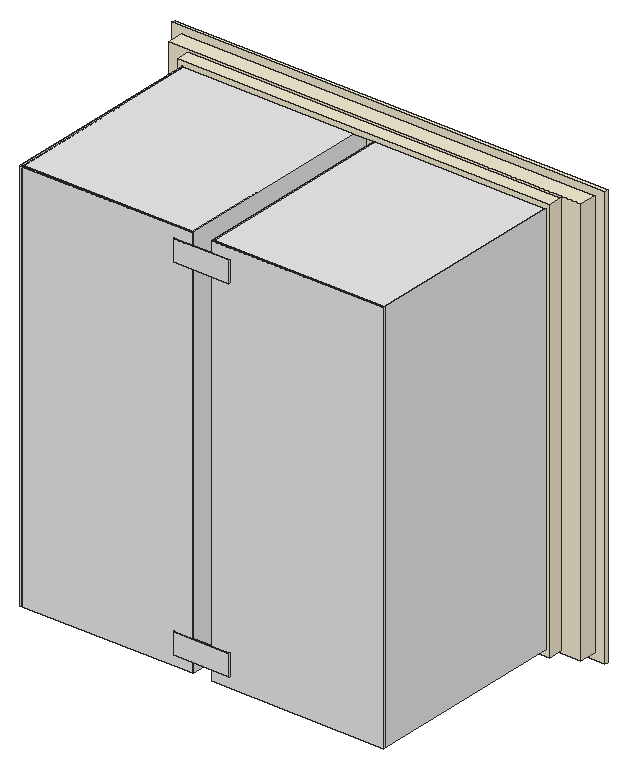
Revit family "4C-8_Door_High_Units_FL.rfa", category Specialty Equipment, host Wall, Revit 2016
Family settings
  Host = Wall
  Part Type = Normal
  Round Connector Dimension = Use Diameter
  Always vertical = Yes
  Cut with Voids When Loaded = No
  Shared = No
  Room Calculation Point = No
Parameters (values of type "3708D-14 FL")
  Width = 31.09766"
  Visible Door Number [instance] = yes
  Vertical Center Divider = yes
  Version = "2.0 (08/09/16)"
  Type Comments = "4C Standard Horizontal Mailbox - Front Loading"
  Top Back Plate = yes
  Right Inside Wall = yes
  Model = "3708D-14 FL"
  MasterFormat Title = "Postal Specialties"
  MasterFormat Number = "10 55 00"
  Manufacturer = "Salsbury Industries"
  Lock Material = Stainless Steel -Salsbury Finish =  Polished
  Left Inside Wall = yes
  Latch Locks - Right Side = no
  Latch Locks - Left Side = no
  Latch Alignment = 14.85742"
  Keynote = ""
  Height = 30.470"
  Front Panel Material [instance] = Aluminum - Salsbury Finish = Sandstone
  Door Slot R8 Number [instance] = "14"
  Door Slot R8 = 3700 Series 4C Door Configurations : MB1 Door w/ Divider
  Door Slot R7 Number [instance] = "13"
  Door Slot R7 = 3700 Series 4C Door Configurations : MB1 Door w/ Divider
  Door Slot R6 Number [instance] = "12"
  Door Slot R6 = 3700 Series 4C Door Configurations : MB1 Door w/ Divider
  Door Slot R5 Number [instance] = "0"
  Door Slot R5 = 3700 Series 4C OM2 Configuration : OM2-FL
  Door Slot R4 Number [instance] = "0"
  Door Slot R4 = 3700 Series 4C Door Configurations : Empty
  Door Slot R3 Number [instance] = "11"
  Door Slot R3 = 3700 Series 4C Door Configurations : MB1 Door w/ Divider
  Door Slot R2 Number [instance] = "10"
  Door Slot R2 = 3700 Series 4C Door Configurations : MB1 Door w/ Divider
  Door Slot R1 Number [instance] = "9"
  Door Slot R1 = 3700 Series 4C Door Configurations : MB1 Door
  Door Slot L8 Number [instance] = "8"
  Door Slot L8 = 3700 Series 4C Door Configurations : MB1 Door w/ Divider
  Door Slot L7 Number [instance] = "7"
  Door Slot L7 = 3700 Series 4C Door Configurations : MB1 Door w/ Divider
  Door Slot L6 Number [instance] = "6"
  Door Slot L6 = 3700 Series 4C Door Configurations : MB1 Door w/ Divider
  Door Slot L5 Number [instance] = "5"
  Door Slot L5 = 3700 Series 4C Door Configurations : MB1 Door w/ Divider
  Door Slot L4 Number [instance] = "4"
  Door Slot L4 = 3700 Series 4C Door Configurations : MB1 Door w/ Divider
  Door Slot L3 Number [instance] = "3"
  Door Slot L3 = 3700 Series 4C Door Configurations : MB1 Door w/ Divider
  Door Slot L2 Number [instance] = "2"
  Door Slot L2 = 3700 Series 4C Door Configurations : MB1 Door w/ Divider
  Door Slot L1 Number [instance] = "1"
  Door Slot L1 = 3700 Series 4C Door Configurations : MB1 Door
  Description = "8 Door High Unit: 14 MB1, OM2"
  Depth = 17.025"
  Center Extrusion Offset [instance] = 0.000"
  Bottom Back Plate = yes
  Back Enclosure Material = Aluminum - Salsbury Finish = Anodized
  Assembly Code = "C1030910"
  Above Finished Floor (AFF-Bottom of Unit) [instance] = 26.683"
  Above Finished Floor (AFF-Bottom of Door) [instance] = 28.000"
Reference planes (in)
  plane 1 "Wall Centerline": y = 0
  plane 2 "Center (Left/Right)": x = 0
  plane 3 "Front": y = 3
  plane 4 "15" AFF": z = 28
  plane 5 "28" AFF": z = 28
  plane 6 "36" AFF": z = 36
  plane 7 "48" AFF": z = 48
  plane 8 "Bottom of Unit": z = 26.683
  plane 9 "Top of Unit": z = 57.153
  plane 10 "Left Side of Unit": x = 15.54883
  plane 11 "Right Side of Unit": x = -15.54883
  plane 12 "28" AFF_Bottom of Unit": z = 26.683
  plane 13 "Top Horiz Trim Align": z = 56.32225
  plane 14 "Bottom Horiz Trim Align": z = 27.515
  plane 15 "Left Trim Align": x = 14.716
  plane 16 "Right Trim Align": x = -14.716
  plane 17 "Left Door Align": x = 14.06641
  plane 18 "Right Door Align": x = -14.06641
  plane 19 "Top Horiz Door Align": z = 55.73125
  plane 20 "Bottom Horiz Door Align": z = 28
  plane 21 "Front Face of Unit": y = 3.265
  plane 22 "Top Housing Align": z = 56.649
  plane 23 "Top Collar Align": z = 56.501
  plane 24 "Top Box Align": z = 56.146
  plane 25 "Vertical Housing Align": y = 1.795
  plane 26 "Vertical Collar Align": y = 0.795
  plane 27 "Back of Unit": y = -13.76
  plane 28 "Bottom Housing Align": z = 27.187
  plane 29 "Bottom Collar Align": z = 27.335
  plane 30 "Bottom Box Align": z = 27.75
  plane 31 "Door Alignment": y = 2.66809
  plane 32 "Right Housing Align": x = -14.84183
  plane 33 "Right Collar Align": x = -13.40883
  plane 34 "Right Box Side Align": x = -13.08083
  plane 35 "Left Housing Align": x = 14.84183
  plane 36 "Left Collar Align": x = 13.40883
  plane 37 "Left Side Box Align": x = 13.08083
  plane 38 "Top Back Plate Align": z = 55.367
  plane 39 "Back": y = -3
  plane 40 "RO Left Side": x = 15.17383
  plane 41 "RO Right Side": x = -15.17383
  plane 42 "RO Bottom": z = 27.058
  plane 43 "RO Top": z = 56.778
  plane 44 "Horiz Centerline": z = 42.04237
  plane 45: x = 12.99983
  plane 46: x = 12.92758
  plane 47 "Center Extrusion": x = 0
  plane 48 "Center Extrusion Offset": x = 0
  plane 49 "Row 5 Top Align": z = 42
  plane 50 "Row 4 Top Align": z = 45.5
  plane 51 "Row 3 Top Align": z = 49
  plane 52 "Row 2 Top Align": z = 52.5
  plane 53 "Row 8 Top Align": z = 31.5
  plane 54 "Row 7 Top Align": z = 35
  plane 55 "Row 6 Top Align": z = 38.5
  plane 56 "Top of base shelf": z = 28.41625
  plane 57 "base shelf void": z = 28.23439
  plane 58: z = 29.999
  plane 59: z = 28.499
  plane 60 "bottom of base shelf": z = 27.88469
  plane 61: x = -0.69141
  plane 62: x = 0.69141
  plane 63: z = 33.765
  plane 64: z = 50.131
Forms (in)
  Extrusion 1, void
    sketch origin (0, 3, 0) x (1, 0, 0) y (0, 0, 1)
      loop
        line (15.17383, 56.778) -> (-15.17383, 56.778) -> (-15.17383, 27.058) -> (15.17383, 27.058) -> (15.17383, 56.778)
    from 0 to 15.27914
  Extrusion 2, solid, material "Aluminum - Salsbury Finish = Sandstone" <- "Front Panel Material"
    sketch origin (0, 3, 0) x (1, 0, 0) y (0, 0, 1)
      loop
        line (15.54883, 57.153) -> (-15.54883, 57.153) -> (-15.54883, 26.683) -> (15.54883, 26.683) -> (15.54883, 57.153)
    from -0.265 to 0
  Extrusion 3, void
    sketch origin (0, 3.265, 0.00774) x (0, 0, -1) y (-1, 0, 0)
      loop
        line (-56.31451, -14.716) -> (-27.50726, -14.716) -> (-27.50726, 14.716) -> (-56.31451, 14.716) -> (-56.31451, -14.716)
    from -0.265 to 0
  Extrusion 4, solid, material "Aluminum - Salsbury Finish = Sandstone" <- "Front Panel Material"
    sketch origin (14.98214, 3.265, -1.67978) x (0, 0, -1) y (-1, 0, 0)
      loop
        line (-58.00203, 29.69814) -> (-58.00203, 29.04855) -> (-29.19478, 29.04855) -> (-29.19478, 29.69814) -> (-58.00203, 29.69814)
    from 0 to -0.265
  Extrusion 5, solid, material "Aluminum - Salsbury Finish = Sandstone" <- "Front Panel Material"
    sketch origin (0, 3.265, 84.08475) x (0, 0, 1) y (1, 0, 0)
      loop
        line (-56.56975, 14.06641) -> (-56.56975, -14.06641) -> (-56.08475, -14.06641) -> (-56.08475, 14.06641) -> (-56.56975, 14.06641)
    from -0.265 to 0
  Extrusion 6, solid, material "Aluminum - Salsbury Finish = Sandstone" <- "Front Panel Material"
    sketch origin (0, 3, 84.08475) x (1, 0, 0) y (0, 0, 1)
      loop
        line (-14.84183, -56.89775) -> (14.84183, -56.89775) -> (14.84183, -27.43575) -> (-14.84183, -27.43575) -> (-14.84183, -56.89775)
    from 0 to 1.205
  Extrusion 7, solid, material "Aluminum - Salsbury Finish = Sandstone" <- "Front Panel Material"
    sketch origin (0, 1.795, 0) x (0, 0, 1) y (-1, 0, 0)
      loop
        line (27.335, 13.40883) -> (27.335, -13.40883) -> (56.501, -13.40883) -> (56.501, 13.40883) -> (27.335, 13.40883)
    from 0 to 1
  Extrusion 8, void
    sketch origin (0, 1.795, 0) x (0, 0, 1) y (-1, 0, 0)
      loop
        line (56.146, 13.08083) -> (27.75, 13.08083) -> (27.75, -13.08083) -> (56.146, -13.08083) -> (56.146, 13.08083)
    from 0 to 1
  Extrusion 9, solid, material "Aluminum - Salsbury Finish = Sandstone" <- "Front Panel Material"
    sketch origin (0, 3.265, 0) x (0, 0, -1) y (-1, 0, 0)
      loop
        line (-56.32225, -14.716) -> (-27.515, -14.716) -> (-27.515, -14.06641) -> (-56.32225, -14.06641) -> (-56.32225, -14.716)
    from 0 to -0.265
  Extrusion 10, solid, material "Aluminum - Salsbury Finish = Sandstone" <- "Front Panel Material"
    sketch origin (0, 3.265, 0) x (0, 0, -1) y (-1, 0, 0)
      loop
        line (-56.32225, -14.06641) -> (-55.73125, -14.06641) -> (-55.73125, 14.06641) -> (-56.32225, 14.06641) -> (-56.32225, -14.06641)
    from -0.265 to 0
  Extrusion 11, void
    sketch origin (0, 1.795, 0) x (0, 0, 1) y (-1, 0, 0)
      loop
        line (56.501, -13.40883) -> (56.501, 13.40883) -> (27.335, 13.40883) -> (27.335, -13.40883) -> (56.501, -13.40883)
    from -1.124 to 0
  Extrusion 12, void
    sketch origin (0, 3, 0) x (1, 0, 0) y (0, 0, 1)
      loop
        line (14.06641, 56.501) -> (-14.06641, 56.501) -> (-14.06641, 27.335) -> (14.06641, 27.335) -> (14.06641, 56.501)
    from 0 to 0.33191
  Extrusion 13, solid, material "Aluminum - Salsbury Finish = Anodized" <- "Back Enclosure Material"
    sketch origin (-0.54283, 1.795, 0) x (0, 0, 1) y (-1, 0, 0)
      loop
        line (56.146, 12.538) -> (27.75, 12.538) -> (27.75, 12.457) -> (56.146, 12.457) -> (56.146, 12.538)
    from 0 to 15.47297
  Extrusion 14, solid, material "Aluminum - Salsbury Finish = Anodized" <- "Back Enclosure Material", visible <- "Right Inside Wall"
    sketch origin (11.7675, 1.795, 0) x (0, 0, 1) y (-1, 0, 0)
      loop
        line (56.146, 12.538) -> (27.75, 12.538) -> (27.75, 12.457) -> (56.146, 12.457) -> (56.146, 12.538)
    from 0 to 15.47297
  Extrusion 15, solid, material "Aluminum - Salsbury Finish = Anodized" <- "Back Enclosure Material"
    sketch origin (0.54283, 1.795, 0) x (0, 0, 1) y (-1, 0, 0)
      loop
        line (56.146, -12.538) -> (56.146, -12.457) -> (27.75, -12.457) -> (27.75, -12.538) -> (56.146, -12.538)
    from 0 to 15.47297
  Extrusion 16, solid, material "Aluminum - Salsbury Finish = Anodized" <- "Back Enclosure Material", visible <- "Left Inside Wall"
    sketch origin (-11.7675, 1.795, 0) x (0, 0, 1) y (-1, 0, 0)
      loop
        line (56.146, -12.538) -> (56.146, -12.457) -> (27.75, -12.457) -> (27.75, -12.538) -> (56.146, -12.538)
    from 0 to 15.47297
  Extrusion 17, solid, material "Aluminum - Salsbury Finish = Anodized" <- "Back Enclosure Material"
    sketch origin (0, -13.76, 0) x (0, 0, 1) y (-1, 0, 0)
      loop
        line (56.146, 13.08083) -> (27.75, 13.08083) -> (27.75, -13.08083) -> (56.146, -13.08083) -> (56.146, 13.08083)
    from -0.08203 to 0
  Extrusion 18, solid, material "Aluminum - Salsbury Finish = Anodized" <- "Back Enclosure Material"
    sketch origin (0, 0, 56.146) x (0, 1, 0) y (-1, 0, 0)
      loop
        line (1.795, 12.99983) -> (-13.67797, 12.99983) -> (-13.67797, -12.99983) -> (1.795, -12.99983) -> (1.795, 12.99983)
    from -0.35871 to 0
  Extrusion 19, void
    sketch origin (0, 0, 56.146) x (0, 1, 0) y (-1, 0, 0)
      loop
        line (1.7325, 12.93342) -> (-13.61547, 12.93342) -> (-13.61547, -12.92758) -> (1.7325, -12.92758) -> (1.7325, 12.93342)
    from -0.0723 to -0.6459
  Extrusion 20, solid, material "Aluminum - Salsbury Finish = Anodized" <- "Back Enclosure Material"
    sketch origin (0, 0, 27.88469) x (-1, 0, 0) y (0, -1, 0)
      loop
        line (12.99983, -1.795) -> (12.99983, 13.67797) -> (-12.99983, 13.67797) -> (-12.99983, -1.795) -> (12.99983, -1.795)
    from 0.53156 to 0
  Extrusion 21, void
    sketch origin (0, 0, 27.88469) x (-1, 0, 0) y (0, -1, 0)
      loop
        line (12.93342, -1.7325) -> (12.93342, 13.61547) -> (-12.92758, 13.61547) -> (-12.92758, -1.7325) -> (12.93342, -1.7325)
    from 0.3497 to 0
  Extrusion 22, solid, material "Aluminum - Salsbury Finish = Anodized" <- "Back Enclosure Material", visible <- "Top Back Plate"
    sketch origin (0, -13.76, 0) x (0, 0, 1) y (-1, 0, 0)
      loop
        line (55.367, 2) -> (53.867, 2) -> (53.867, -2) -> (55.367, -2) -> (55.367, 2)
    from 0 to 0.08203
  Extrusion 23, solid, material "Aluminum - Salsbury Finish = Anodized" <- "Back Enclosure Material", visible <- "Bottom Back Plate"
    sketch origin (0, -13.76, 84.11475) x (0, 0, -1) y (1, 0, 0)
      loop
        line (55.61575, -2) -> (55.61575, 2) -> (54.11575, 2) -> (54.11575, -2) -> (55.61575, -2)
    from 0 to 0.08203
  Extrusion 24, void
    sketch origin (0, 0, 0) x (0, 0, 1) y (0, 1, 0)
      loop
        line (56.146, 1.795) -> (56.32225, 1.795) -> (56.32225, 3.265) -> (27.515, 3.265) -> (27.515, 1.795) -> (27.75, 1.795) -> (27.75, -13.76) -> (56.146, -13.76) -> (56.146, 1.795)
    from -0.69141 to 0.69141
  Extrusion 25, solid, material "Aluminum - Salsbury Finish = Sandstone" <- "Front Panel Material", visible <- "Vertical Center Divider"
    sketch origin (-0.77934, 3.265, 0) x (0, 0, -1) y (-1, 0, 0)
      loop
        line (-56.32225, -1.47075) -> (-27.515, -1.47075) -> (-27.515, -0.08794) -> (-56.32225, -0.08794) -> (-56.32225, -1.47075)
    from 0 to -1.47
Cuts and joins
  Extrusion 3, Extrusion 11, Extrusion 24 cuts Extrusion 2
  Extrusion 8, Extrusion 11, Extrusion 12, Extrusion 24 cuts Extrusion 5
  Extrusion 8, Extrusion 12, Extrusion 19, Extrusion 24 cuts Extrusion 7
  Extrusion 11, Extrusion 12, Extrusion 24 cuts Extrusion 10
  Extrusion 11, Extrusion 12 cuts Extrusion 6
  Extrusion 12 cuts Extrusion 4
  Extrusion 12 cuts Extrusion 9
  Extrusion 19, Extrusion 21, Extrusion 24 cuts Extrusion 18
  Extrusion 21, Extrusion 24 cuts Extrusion 20
  Extrusion 24 cuts Extrusion 17
  Extrusion 24 cuts Extrusion 22
  Extrusion 24 cuts Extrusion 23
Lines and regions (in)
  model lines
    curve 1: line (15.54883, 3.265, 57.153) -> (14.716, 3.265, 56.32017)
    curve 2: line (-15.54883, 3.265, 57.153) -> (-14.716, 3.265, 56.32017)
    curve 3: line (-15.54883, 3.265, 26.683) -> (-14.716, 3.265, 27.51583)
    curve 4: line (15.54883, 3.265, 26.683) -> (14.716, 3.265, 27.51583)
  reference lines
    curve 5: line (-14.06641, 2.66809, 25.683) -> (-14.06641, 2.66809, 61.43425)
    curve 6: line (14.06641, 2.66809, 26.183) -> (14.06641, 2.66809, 61.43425)
Text (in)
  text "Placement Side" at (0, 40.15149, 123.01588), in view "Right"
  text "Placement Side" at (-58.6842, 42.74981, 0), in view "Ref. Level"
  text "Placement Side" at (0, 47.49176, 140.59947), in view "Left"
Dimensions and locks (in)
  locked: plane 3 "Front" to host wall
  "Above Finished Floor (AFF-Bottom of Door)": level to plane 4 "15" AFF"
  locked: level to plane 5 "28" AFF" at 28
  locked: level to plane 6 "36" AFF" at 36
  locked: level to plane 7 "48" AFF" at 48
  equal spacing: plane 11 "Right Side of Unit", plane 2 "Center (Left/Right)", plane 10 "Left Side of Unit"
  plane 8 "Bottom of Unit" to plane 4 "15" AFF" = 1.317"
  "Width": plane 11 "Right Side of Unit" to plane 10 "Left Side of Unit"
  "Height": plane 8 "Bottom of Unit" to plane 9 "Top of Unit"
  plane 12 "28" AFF_Bottom of Unit" to plane 5 "28" AFF" = 1.317"
  locked: plane 15 "Left Trim Align" to plane 10 "Left Side of Unit" at 0.83283
  locked: plane 16 "Right Trim Align" to plane 11 "Right Side of Unit" at 0.83283
  locked: plane 13 "Top Horiz Trim Align" to plane 9 "Top of Unit" at 0.83075
  locked: plane 8 "Bottom of Unit" to plane 14 "Bottom Horiz Trim Align" at 0.832
  plane 17 "Left Door Align" to plane 15 "Left Trim Align" = 0.64959"
  plane 18 "Right Door Align" to plane 16 "Right Trim Align" = 0.64959"
  locked: plane 19 "Top Horiz Door Align" to plane 13 "Top Horiz Trim Align" at 0.591
  locked: plane 14 "Bottom Horiz Trim Align" to plane 20 "Bottom Horiz Door Align" at 0.485
  plane 20 "Bottom Horiz Door Align" to level = 28.000"
  plane 5 "28" AFF" to level = 28.000"
  plane 6 "36" AFF" to level = 36.000"
  plane 7 "48" AFF" to level = 48.000"
  plane 9 "Top of Unit" to plane 8 "Bottom of Unit" = 30.470"
  plane 21 "Front Face of Unit" to host wall = 0.265"
  locked: host wall to plane 25 "Vertical Housing Align" at 1.205
  locked: plane 25 "Vertical Housing Align" to plane 26 "Vertical Collar Align" at 1
  plane 25 "Vertical Housing Align" to plane 27 "Back of Unit" = 15.555"
  "Depth": plane 21 "Front Face of Unit" to plane 27 "Back of Unit"
  locked: plane 9 "Top of Unit" to plane 22 "Top Housing Align" at 0.504
  locked: plane 22 "Top Housing Align" to plane 23 "Top Collar Align" at 0.148
  locked: plane 23 "Top Collar Align" to plane 24 "Top Box Align" at 0.355
  locked: plane 28 "Bottom Housing Align" to plane 8 "Bottom of Unit" at 0.504
  locked: plane 29 "Bottom Collar Align" to plane 28 "Bottom Housing Align" at 0.148
  locked: plane 30 "Bottom Box Align" to plane 29 "Bottom Collar Align" at 0.415
  plane 24 "Top Box Align" to plane 30 "Bottom Box Align" = 28.396"  (x2)
  locked: plane 21 "Front Face of Unit" to plane 31 "Door Alignment" at 0.59691
  plane 11 "Right Side of Unit" to plane 32 "Right Housing Align" to plane 33 "Right Collar Align" to plane 34 "Right Box Side Align" = 0.707" locked, 1.433" locked, 0.328" locked
  plane 37 "Left Side Box Align" to plane 36 "Left Collar Align" to plane 35 "Left Housing Align" to plane 10 "Left Side of Unit" = 0.328" locked, 1.433" locked, 0.707" locked
  plane 11 "Right Side of Unit" to plane 32 "Right Housing Align" to plane 33 "Right Collar Align" to plane 34 "Right Box Side Align" = 0.707", 1.433", 0.328"
  plane 37 "Left Side Box Align" to plane 36 "Left Collar Align" to plane 35 "Left Housing Align" to plane 10 "Left Side of Unit" = 0.328", 1.433", 0.707"
  plane 9 "Top of Unit" to plane 24 "Top Box Align" = 1.007"
  plane 30 "Bottom Box Align" to plane 8 "Bottom of Unit" = 1.067"
  locked: plane 24 "Top Box Align" to plane 38 "Top Back Plate Align" at 0.779
  locked: plane 40 "RO Left Side" to plane 10 "Left Side of Unit" at 0.375
  locked: plane 41 "RO Right Side" to plane 11 "Right Side of Unit" at 0.375
  locked: plane 8 "Bottom of Unit" to plane 42 "RO Bottom" at 0.375
  locked: plane 43 "RO Top" to plane 9 "Top of Unit" at 0.375
  Extrusion 13 to Extrusion 13 = 0.081"
  Extrusion 15 to Extrusion 15 = 0.081"
  plane 45 to plane 37 "Left Side Box Align" = 0.081"
  plane 46 to plane 45 = 0.07225"
  plane 18 "Right Door Align" to plane 17 "Left Door Align" = 28.13281"
  "Center Extrusion Offset": plane 47 "Center Extrusion" to plane 48 "Center Extrusion Offset"
  plane 20 "Bottom Horiz Door Align" to plane 53 "Row 8 Top Align" to plane 54 "Row 7 Top Align" to plane 55 "Row 6 Top Align" to plane 49 "Row 5 Top Align" to plane 50 "Row 4 Top Align" = 3.500" locked, 3.500" locked, 3.500" locked, 3.500" locked, 3.500" locked
  plane 50 "Row 4 Top Align" to plane 51 "Row 3 Top Align" to plane 52 "Row 2 Top Align" = 3.500" locked, 3.500" locked
  plane 56 "Top of base shelf" to plane 57 "base shelf void" to plane 60 "bottom of base shelf" to plane 30 "Bottom Box Align" = 0.18186" locked, 0.3497" locked, 0.13469" locked
  plane 58 to plane 59 to plane 8 "Bottom of Unit" = 1.500" locked, 1.816" locked
  "Above Finished Floor (AFF-Bottom of Unit)": level to plane 8 "Bottom of Unit"
  locked: plane 61 to plane 62 at 1.38281
  plane 63 to plane 30 "Bottom Box Align" = 6.015"
  plane 24 "Top Box Align" to plane 64 = 6.015"
  "Latch Alignment": plane 11 "Right Side of Unit" to plane 61
  aligned and locked: plane 8 "Bottom of Unit" to Extrusion 2 sketch curve
  aligned and locked: plane 10 "Left Side of Unit" to Extrusion 2 sketch curve
  aligned and locked: Extrusion 2 sketch curve to plane 11 "Right Side of Unit"
  aligned and locked: Extrusion 2 sketch curve to plane 9 "Top of Unit"
  aligned and locked: plane 21 "Front Face of Unit" to Extrusion 2
  aligned and locked: Extrusion 4 to plane 16 "Right Trim Align"
  aligned and locked: plane 18 "Right Door Align" to Extrusion 4
  aligned and locked: plane 13 "Top Horiz Trim Align" to Extrusion 4
  aligned and locked: Extrusion 5 to plane 14 "Bottom Horiz Trim Align"
  aligned and locked: Extrusion 5 to plane 17 "Left Door Align"
  aligned and locked: plane 20 "Bottom Horiz Door Align" to Extrusion 5
  aligned and locked: Extrusion 5 to plane 18 "Right Door Align"
  aligned and locked: plane 34 "Right Box Side Align" to Extrusion 17 sketch curve
  aligned and locked: Extrusion 17 sketch curve to plane 24 "Top Box Align"
  aligned and locked: Extrusion 17 sketch curve to plane 37 "Left Side Box Align"
  aligned and locked: plane 30 "Bottom Box Align" to Extrusion 17 sketch curve
  aligned and locked: plane 25 "Vertical Housing Align" to Extrusion 18 sketch curve
  aligned and locked: Extrusion 18 sketch curve to plane 45
  aligned and locked: plane 46 to Extrusion 19
  aligned and locked: plane 45 to cut or joined group of Extrusion 18, Extrusion 19, Extrusion 21, Extrusion 24
  aligned and locked: plane 25 "Vertical Housing Align" to Extrusion 20 sketch curve
  aligned and locked: Extrusion 20 sketch curve to plane 45
  aligned and locked: plane 46 to cut or joined group of Extrusion 20, Extrusion 21, Extrusion 24
  aligned and locked: plane 17 "Left Door Align" to cut or joined group of Extrusion 9, Extrusion 12
  aligned and locked: plane 25 "Vertical Housing Align" to Extrusion 25
  aligned and locked: plane 21 "Front Face of Unit" to Extrusion 25
  aligned and locked: nested 9 to plane 17 "Left Door Align"
  aligned and locked: plane 31 "Door Alignment" to nested 9  (x2)
  aligned and locked: nested 10 to plane 17 "Left Door Align"
  aligned and locked: plane 31 "Door Alignment" to nested 10  (x2)
  aligned and locked: nested 15 to plane 17 "Left Door Align"
  aligned and locked: plane 31 "Door Alignment" to nested 15
  aligned and locked: nested 8 to curve 5
  aligned and locked: nested 7 to curve 5
  aligned and locked: nested 6 to curve 5
  aligned and locked: nested 5 to curve 5
  aligned and locked: nested 3 to curve 5
  aligned and locked: nested 16 to curve 6
  aligned and locked: nested 15 to curve 6
  aligned and locked: nested 14 to curve 6
  aligned and locked: nested 13 to curve 6
  aligned and locked: nested 12 to curve 6
  aligned and locked: nested 11 to curve 6
  aligned and locked: nested 10 to curve 6
  aligned and locked: nested 9 to curve 6
  aligned and locked: plane 31 "Door Alignment" to nested 6
  aligned and locked: plane 31 "Door Alignment" to nested 16
  aligned and locked: plane 31 "Door Alignment" to nested 8
  aligned and locked: plane 31 "Door Alignment" to nested 14
  aligned and locked: plane 31 "Door Alignment" to nested 5
  aligned and locked: plane 31 "Door Alignment" to nested 3
  aligned and locked: plane 31 "Door Alignment" to nested 11
  aligned and locked: plane 31 "Door Alignment" to nested 13
  aligned and locked: plane 31 "Door Alignment" to nested 2
  aligned and locked: plane 31 "Door Alignment" to nested 4
  aligned and locked: nested 1 to curve 5
  aligned and locked: nested 2 to curve 5
  aligned and locked: nested 4 to curve 5
  aligned and locked: plane 31 "Door Alignment" to nested 1
  aligned and locked: plane 31 "Door Alignment" to nested 7
  aligned and locked: cut or joined group of Extrusion 23, Extrusion 24 to plane 59
  aligned and locked: plane 56 "Top of base shelf" to cut or joined group of Extrusion 20, Extrusion 21, Extrusion 24
  aligned and locked: cut or joined group of Extrusion 20, Extrusion 21, Extrusion 24 to plane 60 "bottom of base shelf"
  aligned and locked: plane 20 "Bottom Horiz Door Align" to nested 8
  aligned and locked: plane 20 "Bottom Horiz Door Align" to nested 16
  aligned and locked: plane 53 "Row 8 Top Align" to nested 7
  aligned and locked: plane 53 "Row 8 Top Align" to nested 15
  aligned and locked: plane 54 "Row 7 Top Align" to nested 6
  aligned and locked: plane 54 "Row 7 Top Align" to nested 14
  aligned and locked: plane 55 "Row 6 Top Align" to nested 5
  aligned and locked: plane 55 "Row 6 Top Align" to nested 13
  aligned and locked: plane 49 "Row 5 Top Align" to nested 4
  aligned and locked: plane 49 "Row 5 Top Align" to nested 12
  aligned and locked: plane 50 "Row 4 Top Align" to nested 3
  aligned and locked: plane 50 "Row 4 Top Align" to nested 11
  aligned and locked: plane 51 "Row 3 Top Align" to nested 2
  aligned and locked: plane 51 "Row 3 Top Align" to nested 10
  aligned and locked: plane 52 "Row 2 Top Align" to nested 1
  aligned and locked: plane 52 "Row 2 Top Align" to nested 9
  aligned and locked: plane 31 "Door Alignment" to nested 12
  aligned and locked: nested 18 to plane 27 "Back of Unit"
  aligned and locked: nested 17 to plane 27 "Back of Unit"
  aligned and locked: nested 20 to plane 27 "Back of Unit"
  aligned and locked: nested 19 to plane 27 "Back of Unit"
  aligned and locked: plane 63 to nested 20
  aligned and locked: plane 63 to nested 19
  aligned and locked: plane 61 to nested 19
  aligned and locked: plane 62 to nested 20
  aligned and locked: plane 64 to nested 18
  aligned and locked: plane 64 to nested 17
  aligned and locked: plane 61 to nested 17
  aligned and locked: plane 62 to nested 18
Automatic sketch dimensions
  Extrusion 1 sketch curve to plane 41 "RO Right Side" = 0.000"
  plane 40 "RO Left Side" to Extrusion 1 sketch curve = 0.000"
  Extrusion 1 sketch curve to plane 42 "RO Bottom" = 0.000"
  Extrusion 1 sketch curve to plane 43 "RO Top" = 0.000"
  Extrusion 6 sketch curve to plane 22 "Top Housing Align" = 0.000"
  Extrusion 6 sketch curve to plane 32 "Right Housing Align" = 0.000"
  Extrusion 6 sketch curve to plane 35 "Left Housing Align" = 0.000"
  Extrusion 6 sketch curve to plane 28 "Bottom Housing Align" = 0.000"
  Extrusion 7 sketch curve to plane 29 "Bottom Collar Align" = 0.000"
  Extrusion 7 sketch curve to plane 23 "Top Collar Align" = 0.000"
  plane 36 "Left Collar Align" to Extrusion 7 sketch curve = 0.000"
  Extrusion 7 sketch curve to plane 33 "Right Collar Align" = 0.000"
  Extrusion 8 sketch curve to plane 30 "Bottom Box Align" = 0.000"
  Extrusion 8 sketch curve to plane 24 "Top Box Align" = 0.000"
  Extrusion 8 sketch curve to plane 37 "Left Side Box Align" = 0.000"
  plane 34 "Right Box Side Align" to Extrusion 8 sketch curve = 0.000"
  Extrusion 11 sketch curve to plane 29 "Bottom Collar Align" = 0.000"
  Extrusion 11 sketch curve to plane 23 "Top Collar Align" = 0.000"
  plane 36 "Left Collar Align" to Extrusion 11 sketch curve = 0.000"
  plane 33 "Right Collar Align" to Extrusion 11 sketch curve = 0.000"
  Extrusion 13 sketch curve to plane 30 "Bottom Box Align" = 0.000"
  Extrusion 13 sketch curve to plane 24 "Top Box Align" = 0.000"
  plane 34 "Right Box Side Align" to Extrusion 13 sketch curve = 0.000"
  Extrusion 13 sketch curve to Extrusion 13 sketch curve = 0.081"
  Extrusion 15 sketch curve to plane 30 "Bottom Box Align" = 0.000"
  Extrusion 15 sketch curve to plane 24 "Top Box Align" = 0.000"
  plane 37 "Left Side Box Align" to Extrusion 15 sketch curve = 0.000"
  plane 37 "Left Side Box Align" to Extrusion 15 sketch curve = 0.081"
  Extrusion 18 sketch curve to plane 27 "Back of Unit" = 0.08203"
  plane 34 "Right Box Side Align" to Extrusion 18 sketch curve = 0.081"
  curve 2 to plane 9 "Top of Unit" = 0.000"
  curve 1 to plane 9 "Top of Unit" = 0.000"
  curve 2 to plane 16 "Right Trim Align" = 0.000"
  plane 15 "Left Trim Align" to curve 1 = 0.000"
  curve 3 to plane 16 "Right Trim Align" = 0.000"
  plane 15 "Left Trim Align" to curve 4 = 0.000"
  curve 4 to plane 8 "Bottom of Unit" = 0.000"
  curve 3 to plane 8 "Bottom of Unit" = 0.000"
  plane 10 "Left Side of Unit" to curve 4 = 0.000"
  plane 10 "Left Side of Unit" to curve 1 = 0.000"
  plane 11 "Right Side of Unit" to curve 3 = 0.000"
  plane 11 "Right Side of Unit" to curve 2 = 0.000"
  curve 2 to plane 13 "Top Horiz Trim Align" = 0.00208"
  curve 1 to plane 13 "Top Horiz Trim Align" = 0.00208"
  plane 14 "Bottom Horiz Trim Align" to curve 3 = 0.00083"
  plane 14 "Bottom Horiz Trim Align" to curve 4 = 0.00083"
  Extrusion 3 sketch curve to plane 13 "Top Horiz Trim Align" = 0.000"
  Extrusion 3 sketch curve to plane 14 "Bottom Horiz Trim Align" = 0.000"
  plane 15 "Left Trim Align" to Extrusion 3 sketch curve = 0.000"
  Extrusion 3 sketch curve to plane 16 "Right Trim Align" = 0.000"
  plane 13 "Top Horiz Trim Align" to Extrusion 4 sketch curve = 0.000"
  plane 14 "Bottom Horiz Trim Align" to Extrusion 4 sketch curve = 0.000"
  Extrusion 4 sketch curve to plane 16 "Right Trim Align" = 0.000"
  Extrusion 4 sketch curve to plane 18 "Right Door Align" = 0.000"
  Extrusion 5 sketch curve to plane 14 "Bottom Horiz Trim Align" = 0.000"
  Extrusion 5 sketch curve to plane 4 "15" AFF" = 0.000"
  plane 17 "Left Door Align" to Extrusion 5 sketch curve = 0.000"
  Extrusion 5 sketch curve to plane 18 "Right Door Align" = 0.000"
  Extrusion 9 sketch curve to plane 13 "Top Horiz Trim Align" = 0.000"
  Extrusion 9 sketch curve to plane 14 "Bottom Horiz Trim Align" = 0.000"
  plane 15 "Left Trim Align" to Extrusion 9 sketch curve = 0.000"
  plane 17 "Left Door Align" to Extrusion 9 sketch curve = 0.000"
  Extrusion 10 sketch curve to plane 13 "Top Horiz Trim Align" = 0.000"
  plane 17 "Left Door Align" to Extrusion 10 sketch curve = 0.000"
  Extrusion 10 sketch curve to plane 18 "Right Door Align" = 0.000"
  Extrusion 10 sketch curve to plane 19 "Top Horiz Door Align" = 0.000"
  Extrusion 12 sketch curve to plane 18 "Right Door Align" = 0.000"
  plane 17 "Left Door Align" to Extrusion 12 sketch curve = 0.000"
  Extrusion 12 sketch curve to plane 29 "Bottom Collar Align" = 0.000"
  Extrusion 12 sketch curve to plane 23 "Top Collar Align" = 0.000"
  Extrusion 14 sketch curve to plane 30 "Bottom Box Align" = 0.000"
  Extrusion 14 sketch curve to plane 24 "Top Box Align" = 0.000"
  Extrusion 14 sketch curve to plane 2 "Center (Left/Right)" = 0.6895"
  Extrusion 14 sketch curve to Extrusion 14 sketch curve = 0.081"
  Extrusion 16 sketch curve to plane 30 "Bottom Box Align" = 0.000"
  Extrusion 16 sketch curve to plane 24 "Top Box Align" = 0.000"
  Extrusion 16 sketch curve to plane 2 "Center (Left/Right)" = 0.6895"
  Extrusion 16 sketch curve to Extrusion 16 sketch curve = 0.081"
  Extrusion 19 sketch curve to plane 46 = 0.000"
  Extrusion 19 sketch curve to plane 27 "Back of Unit" = 0.14453"
  plane 25 "Vertical Housing Align" to Extrusion 19 sketch curve = 0.0625"
  plane 34 "Right Box Side Align" to Extrusion 19 sketch curve = 0.14741"
  Extrusion 22 sketch curve to plane 38 "Top Back Plate Align" = 0.000"
  plane 38 "Top Back Plate Align" to Extrusion 22 sketch curve = 1.500"
  plane 2 "Center (Left/Right)" to Extrusion 22 sketch curve = 2.000"
  Extrusion 22 sketch curve to plane 2 "Center (Left/Right)" = 2.000"
  Extrusion 23 sketch curve to plane 2 "Center (Left/Right)" = 2.000"
  plane 2 "Center (Left/Right)" to Extrusion 23 sketch curve = 2.000"
  Extrusion 24 sketch curve to plane 14 "Bottom Horiz Trim Align" = 0.000"
  Extrusion 24 sketch curve to plane 25 "Vertical Housing Align" = 0.000"  (x2)
  Extrusion 24 sketch curve to plane 30 "Bottom Box Align" = 0.000"
  Extrusion 24 sketch curve to plane 24 "Top Box Align" = 0.000"
  Extrusion 24 sketch curve to plane 13 "Top Horiz Trim Align" = 0.000"
  Extrusion 24 sketch curve to plane 27 "Back of Unit" = 0.000"
  Extrusion 24 sketch curve to plane 21 "Front Face of Unit" = 0.000"
  Extrusion 25 sketch curve to plane 13 "Top Horiz Trim Align" = 0.000"
  Extrusion 25 sketch curve to plane 14 "Bottom Horiz Trim Align" = 0.000"
  plane 2 "Center (Left/Right)" to Extrusion 25 sketch curve = 0.69141"
  Extrusion 25 sketch curve to plane 2 "Center (Left/Right)" = 0.69141"
  curve 5 to plane 18 "Right Door Align" = 0.000"
  plane 17 "Left Door Align" to curve 6 = 0.000"
  curve 5 to plane 8 "Bottom of Unit" = 1.000"
  curve 6 to plane 8 "Bottom of Unit" = 0.500"
  plane 9 "Top of Unit" to curve 6 = 4.28125"
  plane 9 "Top of Unit" to curve 5 = 4.28125"
  Extrusion 23 sketch curve to plane 4 "15" AFF" = 0.499"
  Extrusion 23 sketch curve to Extrusion 23 sketch curve = 1.500"
  plane 34 "Right Box Side Align" to Extrusion 20 sketch curve = 0.081"
  Extrusion 20 sketch curve to plane 27 "Back of Unit" = 0.08203"
  Extrusion 21 sketch curve to plane 46 = 0.000"
  plane 34 "Right Box Side Align" to Extrusion 21 sketch curve = 0.14741"
  plane 25 "Vertical Housing Align" to Extrusion 21 sketch curve = 0.0625"
  Extrusion 21 sketch curve to plane 27 "Back of Unit" = 0.14453"
Nested families (in)
  nested 1: "3700 Series 4C Door Configurations" at (-7.37891, 2.79505, 52.5) x (-1, 0, 0) z (0, 0, 1), type <- "Door Slot R1", Door Number <- "Door Slot R1 Number", type "MB1 Door"
    with Door Number "9"
  nested 2: "3700 Series 4C Door Configurations" at (-7.37891, 2.79505, 49) x (-1, 0, 0) z (0, 0, 1), type <- "Door Slot R2", Door Number <- "Door Slot R2 Number", type "MB1 Door w/ Divider"
    with Door Number "10"
  nested 3: "3700 Series 4C Door Configurations" at (-7.37891, 2.79505, 45.5) x (-1, 0, 0) z (0, 0, 1), type <- "Door Slot R3", Door Number <- "Door Slot R3 Number", type "MB1 Door w/ Divider"
    with Door Number "11"
  nested 4: "3700 Series 4C Door Configurations" at (-7.37891, 2.79505, 42) x (-1, 0, 0) z (0, 0, 1), type <- "Door Slot R4", Door Number <- "Door Slot R4 Number", type "Empty"
    with Door Number "0"
  nested 5: "3700 Series 4C OM2 Configuration" at (-7.37891, 2.79505, 38.5) x (-1, 0, 0) z (0, 0, 1), type <- "Door Slot R5", Door Number <- "Door Slot R5 Number", type "OM2-FL"
    with Door Number "0"
  nested 6: "3700 Series 4C Door Configurations" at (-7.37891, 2.79505, 35) x (-1, 0, 0) z (0, 0, 1), type <- "Door Slot R6", Door Number <- "Door Slot R6 Number", type "MB1 Door w/ Divider"
    with Door Number "12"
  nested 7: "3700 Series 4C Door Configurations" at (-7.37891, 2.79505, 31.5) x (-1, 0, 0) z (0, 0, 1), type <- "Door Slot R7", Door Number <- "Door Slot R7 Number", type "MB1 Door w/ Divider"
    with Door Number "13"
  nested 8: "3700 Series 4C Door Configurations" at (-7.37891, 2.79505, 28) x (-1, 0, 0) z (0, 0, 1), type <- "Door Slot R8", Door Number <- "Door Slot R8 Number", type "MB1 Door w/ Divider"
    with Door Number "14"
  nested 9: "3700 Series 4C Door Configurations" at (7.37891, 2.79505, 52.5) x (-1, 0, 0) z (0, 0, 1), type <- "Door Slot L1", Door Number <- "Door Slot L1 Number", type "MB1 Door"
    with Door Number "1"
  nested 10: "3700 Series 4C Door Configurations" at (7.37891, 2.79505, 49) x (-1, 0, 0) z (0, 0, 1), type <- "Door Slot L2", Door Number <- "Door Slot L2 Number", type "MB1 Door w/ Divider"
    with Door Number "2"
  nested 11: "3700 Series 4C Door Configurations" at (7.37891, 2.79505, 45.5) x (-1, 0, 0) z (0, 0, 1), type <- "Door Slot L3", Door Number <- "Door Slot L3 Number", type "MB1 Door w/ Divider"
    with Door Number "3"
  nested 12: "3700 Series 4C Door Configurations" at (7.37891, 2.79505, 42) x (-1, 0, 0) z (0, 0, 1), type <- "Door Slot L4", Door Number <- "Door Slot L4 Number", type "MB1 Door w/ Divider"
    with Door Number "4"
  nested 13: "3700 Series 4C Door Configurations" at (7.37891, 2.79505, 38.5) x (-1, 0, 0) z (0, 0, 1), type <- "Door Slot L5", Door Number <- "Door Slot L5 Number", type "MB1 Door w/ Divider"
    with Door Number "5"
  nested 14: "3700 Series 4C Door Configurations" at (7.37891, 2.79505, 35) x (-1, 0, 0) z (0, 0, 1), type <- "Door Slot L6", Door Number <- "Door Slot L6 Number", type "MB1 Door w/ Divider"
    with Door Number "6"
  nested 15: "3700 Series 4C Door Configurations" at (7.37891, 2.79505, 31.5) x (-1, 0, 0) z (0, 0, 1), Door Number <- "Door Slot L7 Number", type <- "Door Slot L7", type "MB1 Door w/ Divider"
    with Door Number "7"
  nested 16: "3700 Series 4C Door Configurations" at (7.37891, 2.79505, 28) x (-1, 0, 0) z (0, 0, 1), type <- "Door Slot L8", Door Number <- "Door Slot L8 Number", type "MB1 Door w/ Divider"
    with Door Number "8"
  nested 17: "4C Latch Lock-Right" at (-1.81641, -13.882, 49.4435) x (-1, 0, 0) z (0, 0, 1), type "Lock Latch"
    with Visible Latch no
  nested 18: "4C Latch Lock-Left" at (1.81641, -13.882, 49.4435) x (-1, 0, 0) z (0, 0, 1), type "Lock Latch"
    with Visible Latch no
  nested 19: "4C Latch Lock-Right" at (-1.81641, -13.882, 33.0775) x (-1, 0, 0) z (0, 0, 1), type "Lock Latch"
    with Visible Latch no
  nested 20: "4C Latch Lock-Left" at (1.81641, -13.882, 33.0775) x (-1, 0, 0) z (0, 0, 1), type "Lock Latch"
    with Visible Latch no
Definition of nested family "3700 Series 4C Door Configurations"
  Parameters (values of type "MB1 Door w/ Divider")
    Weight = "5 lbs."
    Visible Door Number = yes
    URL = ""
    Model = "3700MB1"
    Manufacturer = "Salsbury Industries"
    Lock Material = none
    Inset Offset = 0.000"
    Front Panel Material = none
    Door Width = 13.375"
    Door Visibility-MB1 = yes
    Door Number [instance] = "101"
    Door Lock = yes
    Door Height = 3.23047"
    Door Divider = yes
    Door Depth = 0.25391"
    Description = "MB1 Door for 3700 Series 4C Mailboxes"
    Cost = 0
    Center Lock-Vertical = 0.875"
    Center Lock-Horizontal = 1.61523"
  Types (11): name | Weight | Visible Door Number | Model | Inset Offset | Door Visibility-MB1 | Door Lock | Door Height | Door Divider | Description
    MB1 Door w/ Divider | "5 lbs." | yes | "3700MB1" | 0.000" | yes | yes | 3.23047" | yes | "MB1 Door for 3700 Series 4C Mailboxes"
    MB1 Door | "5 lbs." | yes | "3700MB1" | 0.000" | yes | yes | 3.23047" | no | "MB1 Door for 3700 Series 4C Mailboxes"
    MB2 Door | "10 lbs." | yes | "3700MB2" | 0.000" | yes | yes | 6.73047" | no | "MB2 Door for 3700 Series 4C Mailboxes"
    MB2 Door w/ Divider | "10 lbs." | yes | "3700MB2" | 0.000" | yes | yes | 6.73047" | yes | "MB2 Door for 3700 Series 4C Mailboxes"
    MB3 Door | "15 lbs." | yes | "3700MB3" | 0.000" | yes | yes | 10.23047" | no | "MB3 Door for 3700 Series 4C Mailboxes"
    MB3 Door w/ Divider | "15 lbs." | yes | "3700MB3" | 0.000" | yes | yes | 10.23047" | yes | "MB3 Door for 3700 Series 4C Mailboxes"
    MB4 Door | "20 lbs." | yes | "3700MB4" | 0.000" | yes | yes | 13.73047" | no | "MB4 Door for 3700 Series 4C Mailboxes"
    MB4 Door w/ Divider | "20 lbs." | yes | "3700MB4" | 0.000" | yes | yes | 13.73047" | yes | "MB4 Door for 3700 Series 4C Mailboxes"
    Blank Door | "5 lbs." | no | "3700MB1" | 0.18359" | yes | no | 3.23047" | no | "MB1 Door for 3700 Series 4C Mailboxes"
    Blank Door w/ Divider | "5 lbs." | no | "3700MB1" | 0.18402" | yes | no | 3.23047" | yes | "MB1 Door for 3700 Series 4C Mailboxes"
    Empty | "5 lbs." | no | "Empty MB1" | 0.18359" | no | no | 3.23047" | no | "Empty MB1 Door for 3700 Series 4C Mailboxes"
  Reference planes (in)
    plane 1 "Center (Front/Back)": y = 0
    plane 2 "Bottom of Door": z = 0
    plane 3 "Center (Left/Right)": x = 0
    plane 4 "Left Side Face of Door": x = -6.6875
    plane 5 "Right Side Face of Door": x = 6.6875
    plane 6 "Back Face of Door": y = 0.12695
    plane 7 "Front Face of Door": y = -0.12695
    plane 8: z = 3.23047
    plane 9: z = 1.61523
    plane 10 "Face of Divider": y = -0.46995
    plane 11 "Center Lock Vertical": x = -5.8125
    plane 12 "Center Lock Horizontal": z = 1.61523
    plane 13 "Face of Lock": y = -0.42383
    plane 14 "Divider Height Align": z = 3.50047
    plane 15 "Inset Center": x = -0.0975
    plane 16 "Inset Offset": y = -0.12695
    plane 17: z = 1.99038
    plane 18: z = 1.24072
  Forms (in)
    Extrusion 1, solid, material <- "Front Panel Material", visible <- "Door Visibility-MB1"
      sketch origin (0, 0, 0) x (1, 0, 0) y (0, 1, 0)
        loop
          line (-6.4355, 0.12695) -> (-6.6875, -0.05445) -> (-6.6875, -0.12695) -> (6.05625, -0.12695)
          arc (6.05625, -0.12695) -> (6.19558, -0.17661) -> (6.27209, -0.3032) r 0.22029
          arc (6.27209, -0.3032) -> (6.3553, -0.42132) -> (6.4925, -0.46664) r 0.23034
          arc (6.4925, -0.46664) -> (6.63039, -0.40952) -> (6.6875, -0.27164) r 0.195
          line (6.6875, -0.27164) -> (6.6875, 0.12695) -> (-6.4355, 0.12695)
      from 0 to 3.23047
    Blend 2, solid, material <- "Lock Material", visible <- "Door Lock"
      base sketch origin (0, -0.12695, 0) x (-1, 0, 0) y (0, 0, 1)
        loop
          circle (5.8125, 1.61523) r 0.525
      top sketch origin (0, -0.12695, 0) x (-1, 0, 0) y (0, 0, 1)
        loop
          circle (5.8125, 1.61523) r 0.485
      from 0 to -0.29688
    Extrusion 3, solid, material <- "Front Panel Material", visible <- "Door Divider"
      sketch origin (0, 0, 3.50047) x (-1, 0, 0) y (0, -1, 0)
        loop
          line (6.6875, -0.12695) -> (6.6875, 0.46995) -> (-6.6875, 0.46995) -> (-6.6875, -0.12695) -> (6.6875, -0.12695)
      from -0.27 to 0
    Extrusion 4, void
      sketch origin (0, -0.42383, 0) x (1, 0, 0) y (0, 0, 1)
        loop
          circle (-5.8125, 1.49523) r 0.285
      from 0 to -0.01562
    Extrusion 5, void
      sketch origin (0, -0.42383, 0) x (1, 0, 0) y (0, 0, 1)
        loop
          line (-5.84183, 1.62353) -> (-5.84183, 1.32353) -> (-5.78183, 1.32353) -> (-5.78183, 1.62353) -> (-5.84183, 1.62353)
      from 0 to -0.03906
    Extrusion 6, void
      sketch origin (0, -0.12695, 0) x (0, 0, 1) y (-1, 0, 0)
        loop
          arc (2.36523, 0.8475) -> (2.32862, 0.93589) -> (2.24023, 0.9725) r 0.125
          line (2.24023, 0.9725) -> (0.99023, 0.9725)
          arc (0.99023, 0.9725) -> (0.90185, 0.93589) -> (0.86523, 0.8475) r 0.125
          line (0.86523, 0.8475) -> (0.86523, -0.6525)
          arc (0.86523, -0.6525) -> (0.90185, -0.74089) -> (0.99023, -0.7775) r 0.125
          line (0.99023, -0.7775) -> (2.24023, -0.7775)
          arc (2.24023, -0.7775) -> (2.32862, -0.74089) -> (2.36523, -0.6525) r 0.125
          line (2.36523, -0.6525) -> (2.36523, 0.8475)
      from 0 to -0.03906
  Cuts and joins
    Extrusion 4, Extrusion 5 cuts Blend 2
    Extrusion 6 cuts Extrusion 1
  Dimensions and locks (in)
    equal spacing: plane 6 "Back Face of Door", plane 1 "Center (Front/Back)", plane 7 "Front Face of Door"
    "Door Depth": plane 6 "Back Face of Door" to plane 7 "Front Face of Door"
    equal spacing: plane 4 "Left Side Face of Door", plane 3 "Center (Left/Right)", plane 5 "Right Side Face of Door"  (x2)
    "Door Width": plane 4 "Left Side Face of Door" to plane 5 "Right Side Face of Door"
    locked: plane 7 "Front Face of Door" to plane 10 "Face of Divider" at 0.343
    "Center Lock-Vertical": plane 4 "Left Side Face of Door" to plane 11 "Center Lock Vertical"
    "Inset Offset": plane 16 "Inset Offset" to plane 7 "Front Face of Door"
    plane 4 "Left Side Face of Door" to plane 5 "Right Side Face of Door" = 13.375"
    plane 6 "Back Face of Door" to plane 10 "Face of Divider" = 0.59691"
    "Door Height": plane 8 to plane 2 "Bottom of Door"
    equal spacing: plane 8, plane 9, plane 2 "Bottom of Door"
    locked: plane 14 "Divider Height Align" to plane 8 at 0.27
    plane 17 to plane 9 to plane 18 = 0.37515" locked, 0.37452" locked
    aligned and locked: level to plane 2 "Bottom of Door"
    aligned and locked: plane 4 "Left Side Face of Door" to Extrusion 1
    aligned and locked: plane 6 "Back Face of Door" to Extrusion 1
    aligned and locked: plane 7 "Front Face of Door" to Extrusion 1
    aligned and locked: plane 8 to Extrusion 1
    aligned and locked: Extrusion 3 sketch curve to plane 4 "Left Side Face of Door"
    aligned and locked: Extrusion 3 sketch curve to plane 6 "Back Face of Door"
    aligned and locked: plane 5 "Right Side Face of Door" to Extrusion 3 sketch curve
    aligned and locked: Extrusion 3 to plane 8
    aligned and locked: plane 10 "Face of Divider" to Extrusion 3 sketch curve
    aligned and locked: plane 14 "Divider Height Align" to Extrusion 3
    aligned and locked: cut or joined group of Extrusion 1, Extrusion 6 to plane 2 "Bottom of Door"
    aligned and locked: plane 18 to text3d elem
  Automatic sketch dimensions
    Extrusion 1 sketch curve to plane 4 "Left Side Face of Door" = 0.000"
    Extrusion 1 sketch curve to plane 6 "Back Face of Door" = 0.000"
    Extrusion 1 sketch curve to plane 7 "Front Face of Door" = 0.000"
    Extrusion 1 sketch curve to plane 5 "Right Side Face of Door" = 0.000"
    Extrusion 1 sketch curve to plane 4 "Left Side Face of Door" = 0.252"
    plane 5 "Right Side Face of Door" to Extrusion 1 sketch curve = 0.63125"
    Extrusion 1 sketch curve to plane 7 "Front Face of Door" = 0.10935"
    plane 5 "Right Side Face of Door" to Extrusion 1 sketch curve = 0.195"
    Extrusion 1 sketch curve to plane 7 "Front Face of Door" = 0.14468"
    plane 10 "Face of Divider" to Extrusion 1 sketch curve = 0.12271"
    plane 1 "Center (Front/Back)" to Extrusion 1 sketch curve = 0.05445"
    plane 10 "Face of Divider" to Extrusion 1 sketch curve = 0.16676"
    Blend 2 sketch curve to plane 9 = 0.000"  (x2)
    plane 11 "Center Lock Vertical" to Blend 2 sketch curve = 0.000"  (x2)
    plane 11 "Center Lock Vertical" to Extrusion 4 sketch curve = 0.000"
    Extrusion 4 sketch curve to plane 9 = 0.120"
    Extrusion 4 sketch curve to Extrusion 4 sketch curve = 0.285"
    plane 11 "Center Lock Vertical" to Extrusion 5 sketch curve = 0.02933"
    Extrusion 5 sketch curve to plane 11 "Center Lock Vertical" = 0.03067"
    Extrusion 5 sketch curve to plane 9 = 0.2917"
    plane 9 to Extrusion 5 sketch curve = 0.0083"
    Extrusion 6 sketch curve to plane 9 = 0.750"
    Extrusion 6 sketch curve to Extrusion 6 sketch curve = 0.125"  (x3)
    plane 9 to Extrusion 6 sketch curve = 0.625"  (x2)
    plane 3 "Center (Left/Right)" to Extrusion 6 sketch curve = 0.7775"
    plane 15 "Inset Center" to Extrusion 6 sketch curve = 0.750"
    radius of Blend 2 sketch curve = 0.525"
    radius of Blend 2 sketch curve = 0.485"
Definition of nested family "3700 Series 4C OM2 Configuration"
  Parameters (values of type "OM2-FL")
    Weight = ""
    URL = ""
    Access Lock Offset = 0.000"
    Access Lock = yes
    Model = "3700OM2-FL"
    Manufacturer = "Salsbury Industries"
    Lock Material = none
    Front Panel Material = none
    Door Width = 13.375"
    Door Number [instance] = "101"
    Door Height = 7.00047"
    Door Depth = 0.25391"
    Description = "OM2 Door for 3700 Series 4C Mailboxes-Front Loading"
    Cost = 0
    Center Lock-Vertical = 2.360"
    Center Lock-Horizontal = 1.61523"
  Types (3): name | Access Lock Offset | Access Lock | Model | Description
    (no name) | 0.000" | yes | "3700OM2-FL" | "OM2 Door for 3700 Series 4C Mailboxes-Front Loading"
    OM2-FL | 0.000" | yes | "3700OM2-FL" | "OM2 Door for 3700 Series 4C Mailboxes-Front Loading"
    OM2-RL | 0.3125" | no | "3700OM2-RL" | "OM2 Door for 3700 Series 4C Mailboxes-Rear Loading"
  Reference planes (in)
    plane 1 "Center (Front/Back)": y = 0
    plane 2 "Bottom of Door": z = 0
    plane 3 "Center (Left/Right)": x = 0
    plane 4 "Left Side Face of Door": x = -6.6875
    plane 5 "Right Side Face of Door": x = 6.6875
    plane 6 "Back Face of Door": y = 0.12695
    plane 7 "Front Face of Door": y = -0.12695
    plane 8: z = 3.23047
    plane 9: z = 1.61523
    plane 10: y = -0.46995
    plane 11 "Center Lock Vertical": x = -4.3275
    plane 12 "Center Lock Horizontal": z = 1.61523
    plane 13 "Face of Lock": y = -0.42383
    plane 14 "Divider Height Align": z = 3.50047
    plane 15 "Plate Center": x = -0.16063
    plane 16 "Left Stud Align": x = -5.7025
    plane 17 "Right Stud Align": x = -2.8895
    plane 18 "Top Stud Align": z = 2.27147
    plane 19 "Bottom Stud Align": z = 0.95947
    plane 20 "Hinge Stud Align": x = 5.6875
    plane 21 "Mail Plate Top": z = 2.61547
    plane 22 "Mail Plate Bottom": z = 0.61547
    plane 23: x = -2.1595
    plane 24: x = 1.8405
    plane 25 "Face of Mail Plate": y = -0.16602
    plane 26 "Top of Mail Drop Door": z = 6.73094
    plane 27 "Top of Mail Drop Divider": z = 7.00047
    plane 28 "Face of Mail Drop": y = -0.31995
    plane 29 "Top of Mail Slot": z = 6.42087
    plane 30 "Bottom of Mail Slot": z = 5.67087
    plane 31 "Left Edge of Mail Slot": x = -5.3755
    plane 32 "Right Edge of Mail Slot": x = 5.3755
    plane 33 "Mail Slot Bottom Protusion": z = 6.50987
    plane 34: y = -0.49395
    plane 35: z = 6.15637
    plane 36 "Front of Awning": y = -1.63495
    plane 37: y = -1.15685
    plane 38 "Mail Slot Slope": through (-240, -0.44582, 6.9722) normal (0, -0.5, 0.866)
    plane 39 "Access Lock Offset": y = 0.12695
  Forms (in)
    Extrusion 1, solid, material <- "Front Panel Material"
      sketch origin (0, 0, 0) x (1, 0, 0) y (0, 1, 0)
        loop
          line (-6.4355, 0.12695) -> (-6.6875, -0.05445) -> (-6.6875, -0.12695) -> (6.05625, -0.12695)
          arc (6.05625, -0.12695) -> (6.19558, -0.17661) -> (6.27209, -0.3032) r 0.22029
          arc (6.27209, -0.3032) -> (6.3553, -0.42132) -> (6.4925, -0.46664) r 0.23034
          arc (6.4925, -0.46664) -> (6.63039, -0.40952) -> (6.6875, -0.27164) r 0.195
          line (6.6875, -0.27164) -> (6.6875, 0.12695) -> (-6.4355, 0.12695)
      from 0 to 3.23047
    Extrusion 2, solid, material <- "Front Panel Material"
      sketch origin (0, 0, 3.50047) x (-1, 0, 0) y (0, -1, 0)
        loop
          line (6.6875, -0.12695) -> (6.6875, 0.46995) -> (-6.6875, 0.46995) -> (-6.6875, -0.12695) -> (6.6875, -0.12695)
      from -0.27 to 0
    Extrusion 3, void
      sketch origin (0, 0.12695, 0) x (0, 0, -1) y (-1, 0, 0)
        loop
          circle (-1.61523, 4.3275) r 0.4375
      from 0 to -0.25391
    Extrusion 4, solid, material <- "Lock Material", visible <- "Access Lock"
      sketch origin (0, 0.12695, 0) x (0, 0, -1) y (-1, 0, 0)
        loop
          circle (-1.61523, 4.3275) r 0.42913
      from 0 to -0.25391
    Extrusion 5, void
      sketch origin (0, 0.12695, 3.4) x (-1, 0, 0) y (0, 0, 1)
        loop
          line (4.3568, -1.47517) -> (4.2982, -1.47517) -> (4.2982, -2.09436) -> (4.3568, -2.09436) -> (4.3568, -1.47517)
      from -0.12695 to -0.25391
    Blend 6, solid, material <- "Front Panel Material"
      base sketch origin (0, -0.12695, 2.68123) x (-1, 0, 0) y (0, 0, 1)
        loop
          circle (5.7025, -0.40977) r 0.15665
      top sketch origin (0, -0.12695, 2.68123) x (-1, 0, 0) y (0, 0, 1)
        loop
          circle (5.7025, -0.40977) r 0.3125
      from -0.11328 to 0
    Blend 7, solid, material <- "Front Panel Material"
      base sketch origin (1.3125, -0.12695, 2.68123) x (-1, 0, 0) y (0, 0, 1)
        loop
          circle (4.202, -0.40977) r 0.15665
      top sketch origin (1.3125, -0.12695, 2.68123) x (-1, 0, 0) y (0, 0, 1)
        loop
          circle (4.202, -0.40977) r 0.3125
      from -0.11328 to 0
    Blend 8, solid, material <- "Front Panel Material"
      base sketch origin (0, -0.12695, 1.36923) x (-1, 0, 0) y (0, 0, 1)
        loop
          circle (5.7025, -0.40977) r 0.15665
      top sketch origin (0, -0.12695, 1.36923) x (-1, 0, 0) y (0, 0, 1)
        loop
          circle (5.7025, -0.40977) r 0.3125
      from -0.11328 to 0
    Blend 9, solid, material <- "Front Panel Material"
      base sketch origin (1.3125, -0.12695, 1.36923) x (-1, 0, 0) y (0, 0, 1)
        loop
          circle (4.202, -0.40977) r 0.15665
      top sketch origin (1.3125, -0.12695, 1.36923) x (-1, 0, 0) y (0, 0, 1)
        loop
          circle (4.202, -0.40977) r 0.3125
      from -0.11328 to 0
    Blend 10, solid, material <- "Front Panel Material"
      base sketch origin (9.8895, -0.12695, 2.68123) x (-1, 0, 0) y (0, 0, 1)
        loop
          circle (4.202, -0.40977) r 0.15665
      top sketch origin (9.8895, -0.12695, 2.68123) x (-1, 0, 0) y (0, 0, 1)
        loop
          circle (4.202, -0.40977) r 0.3125
      from -0.11328 to 0
    Blend 11, solid, material <- "Front Panel Material"
      base sketch origin (9.8895, -0.12695, 1.36923) x (-1, 0, 0) y (0, 0, 1)
        loop
          circle (4.202, -0.40977) r 0.15665
      top sketch origin (9.8895, -0.12695, 1.36923) x (-1, 0, 0) y (0, 0, 1)
        loop
          circle (4.202, -0.40977) r 0.3125
      from -0.11328 to 0
    Extrusion 12, solid, material <- "Lock Material"
      sketch origin (0, -0.12695, 0) x (-1, 0, 0) y (0, 0, 1)
        loop
          line (1.96028, 2.61547) -> (-1.64128, 2.61547)
          arc (-1.64128, 2.61547) -> (-1.78215, 2.55712) -> (-1.8405, 2.41625) r 0.19922
          line (-1.8405, 2.41625) -> (-1.8405, 0.81469)
          arc (-1.8405, 0.81469) -> (-1.78215, 0.67382) -> (-1.64128, 0.61547) r 0.19922
          line (-1.64128, 0.61547) -> (1.96028, 0.61547)
          arc (1.96028, 0.61547) -> (2.10115, 0.67382) -> (2.1595, 0.81469) r 0.19922
          line (2.1595, 0.81469) -> (2.1595, 2.41625)
          arc (2.1595, 2.41625) -> (2.10115, 2.55712) -> (1.96028, 2.61547) r 0.19922
      from 0 to -0.03906
    Extrusion 13, solid, material <- "Front Panel Material"
      sketch origin (-2.13946, 0, 3.50047) x (-1, 0, 0) y (0, -1, 0)
        loop
          line (4.54804, -0.12695) -> (4.54804, 0.31995) -> (-8.82696, 0.31995) -> (-8.82696, -0.12695) -> (4.54804, -0.12695)
      from 0 to 3.0094
    Extrusion 14, void
      sketch origin (0, -0.31995, 0) x (0, 0, -1) y (-1, 0, 0)
        loop
          arc (-5.67087, 5.0005) -> (-6.04587, 5.3755) -> (-6.42087, 5.0005) r 0.375
          line (-6.42087, 5.0005) -> (-6.42087, -5.0005)
          arc (-6.42087, -5.0005) -> (-6.04587, -5.3755) -> (-5.67087, -5.0005) r 0.375
          line (-5.67087, -5.0005) -> (-5.67087, 5.0005)
      from 0 to 0.44691
    Extrusion 15, solid, material <- "Front Panel Material"
      sketch origin (0, 0, 0) x (0, 1, 0) y (0, 0, 1)
        loop
          line (0.12695, 6.50987) -> (0.12695, 7.00047) -> (-0.46995, 7.00047) -> (-0.75605, 6.83078) -> (-0.73973, 6.80251) -> (-1.27431, 6.49388) -> (-1.29063, 6.52214) -> (-1.61027, 6.3376)
          arc (-1.61027, 6.3376) -> (-1.63087, 6.31111) -> (-1.62714, 6.27777) r 0.04454
          line (-1.62714, 6.27777) -> (-1.5282, 6.17883)
          arc (-1.5282, 6.17883) -> (-1.4937, 6.16211) -> (-1.4558, 6.15637) r 0.12791
          line (-1.4558, 6.15637) -> (-1.10623, 6.15637) -> (-0.49395, 6.50987) -> (0.12695, 6.50987)
      from -6.6875 to 6.6875
  Cuts and joins
    Extrusion 3 cuts Extrusion 1
    Extrusion 5 cuts Extrusion 4
    Extrusion 14 cuts Extrusion 13
  Dimensions and locks (in)
    equal spacing: plane 6 "Back Face of Door", plane 1 "Center (Front/Back)", plane 7 "Front Face of Door"
    "Door Depth": plane 6 "Back Face of Door" to plane 7 "Front Face of Door"
    equal spacing: plane 4 "Left Side Face of Door", plane 3 "Center (Left/Right)", plane 5 "Right Side Face of Door"
    "Door Width": plane 4 "Left Side Face of Door" to plane 5 "Right Side Face of Door"
    plane 8 to level = 3.23047"
    equal spacing: plane 8, plane 9, level
    locked: plane 7 "Front Face of Door" to plane 10 at 0.343
    "Center Lock-Vertical": plane 4 "Left Side Face of Door" to plane 11 "Center Lock Vertical"
    "Center Lock-Horizontal": plane 8 to plane 12 "Center Lock Horizontal"
    locked: plane 14 "Divider Height Align" to plane 8 at 0.27
    plane 4 "Left Side Face of Door" to plane 16 "Left Stud Align" to plane 17 "Right Stud Align" = 0.985", 2.813"
    plane 8 to plane 18 "Top Stud Align" to plane 19 "Bottom Stud Align" = 0.959", 1.312"
    plane 20 "Hinge Stud Align" to plane 5 "Right Side Face of Door" = 1.000"
    plane 8 to plane 21 "Mail Plate Top" to plane 22 "Mail Plate Bottom" = 0.615", 2.000"
    plane 4 "Left Side Face of Door" to plane 23 to plane 24 = 4.528", 4.000"
    plane 27 "Top of Mail Drop Divider" to plane 26 "Top of Mail Drop Door" to plane 14 "Divider Height Align" = 0.26953" locked, 3.23047"
    "Door Height": plane 27 "Top of Mail Drop Divider" to level
    plane 28 "Face of Mail Drop" to plane 10 = 0.150"
    locked: plane 27 "Top of Mail Drop Divider" to plane 29 "Top of Mail Slot" at 0.5796
    locked: plane 29 "Top of Mail Slot" to plane 30 "Bottom of Mail Slot" at 0.75
    locked: plane 4 "Left Side Face of Door" to plane 31 "Left Edge of Mail Slot" at 1.312
    locked: plane 32 "Right Edge of Mail Slot" to plane 5 "Right Side Face of Door" at 1.312
    locked: plane 33 "Mail Slot Bottom Protusion" to plane 29 "Top of Mail Slot" at 0.089
    plane 28 "Face of Mail Drop" to plane 34 = 0.174"
    plane 33 "Mail Slot Bottom Protusion" to plane 35 = 0.3535"
    plane 28 "Face of Mail Drop" to plane 36 "Front of Awning" = 1.315"
    plane 4 "Left Side Face of Door" to plane 5 "Right Side Face of Door" = 13.375"
    plane 6 "Back Face of Door" to plane 36 "Front of Awning" = 1.76191"
    "Access Lock Offset": plane 39 "Access Lock Offset" to plane 6 "Back Face of Door"
    aligned and locked: level to plane 2 "Bottom of Door"
    aligned and locked: plane 4 "Left Side Face of Door" to Extrusion 1
    aligned and locked: plane 6 "Back Face of Door" to Extrusion 1
    aligned and locked: plane 7 "Front Face of Door" to Extrusion 1
    aligned and locked: Extrusion 1 to level
    aligned and locked: plane 8 to Extrusion 1
    aligned and locked: Extrusion 2 sketch curve to plane 4 "Left Side Face of Door"
    aligned and locked: Extrusion 2 sketch curve to plane 6 "Back Face of Door"
    aligned and locked: plane 5 "Right Side Face of Door" to Extrusion 2 sketch curve
    aligned and locked: Extrusion 2 to plane 8
    aligned and locked: plane 10 to Extrusion 2 sketch curve
    aligned and locked: plane 14 "Divider Height Align" to Extrusion 2
    aligned and locked: plane 4 "Left Side Face of Door" to Extrusion 2
    aligned and locked: Extrusion 2 to plane 5 "Right Side Face of Door"
    aligned and locked: Extrusion 13 to plane 28 "Face of Mail Drop"
    aligned and locked: plane 29 "Top of Mail Slot" to Extrusion 14 sketch curve
    aligned and locked: cut or joined group of Extrusion 13, Extrusion 14 to cut or joined group of Extrusion 13, Extrusion 14
    aligned and locked: cut or joined group of Extrusion 1, Extrusion 3 to plane 2 "Bottom of Door"
  Automatic sketch dimensions
    Extrusion 1 sketch curve to plane 4 "Left Side Face of Door" = 0.000"
